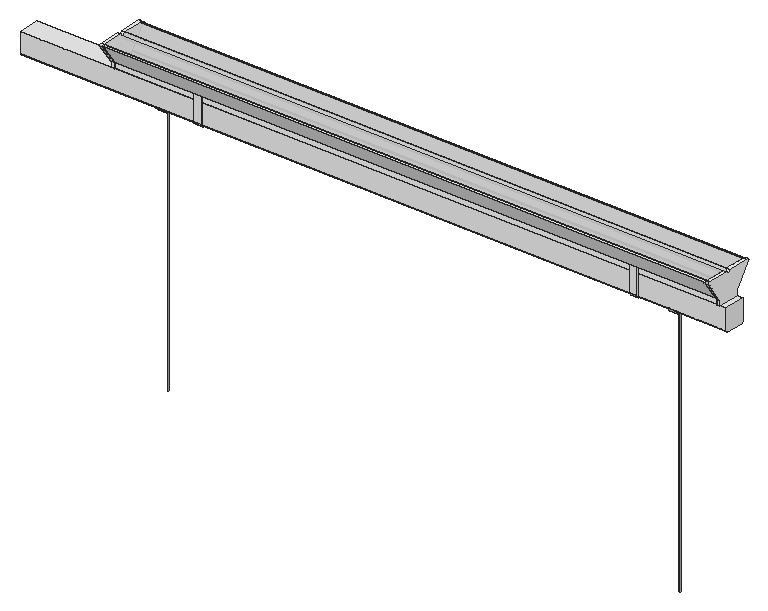
Revit family "0042291 Lighting Fixture_Sylvania_HSX Syl-Line_Ceiling Pendant", category Lighting Fixtures, host Face, Revit 2017
Family settings
  Host = Face
  Round Connector Dimension = Use Diameter
  Part Type = Normal
  OmniClass Number = 23.80.70.11.17
  OmniClass Title = Specialized Lighting by Location or Use
  Cut with Voids When Loaded = No
  Light Source = Yes
  Shared = No
  Room Calculation Point = No
Parameters (values of type "HSXSYL  LED NW 1-10V 1720 EM WB")
  Width = 164.0 mm
  Weight = 6.50 kg
  Wattage = 10.4516 W
  built-in parameter 1150110 = 1 (stored number, unit not read)
  Voltage Comments = "UNV (Universal Voltage; 220-240 Volt)"  # constant formula
  Voltage = 230 V  # constant formula
  URL = "http://www.sylvania-lighting.com"
  Trucking Material = Steel_Sylvania_HSX Syl-Line_White
  built-in parameter 1114217 = 1 (stored number, unit not read)
  Tilt Angle = -90.00°
  built-in parameter 1150109 = 1 (stored number, unit not read)
  built-in parameter 1150134 = 12
  Ta Rating = "-10°C to +25°C"  # constant formula
  T Class Min = -10 °C
  T Class Max = 25 °C
  built-in parameter 1150113 = 1 (stored number, unit not read)
  Product Page URL = "http://www.sylvania-lighting.com/product/en-int/products/0042291"
  Product Family = "HSX SYL-LINE"  # constant formula
  Photometry Comments = ""
  Photometric Web File = "0042291_HSXSYLLEDNW1-10V1720EMWB-192706.ies"
  Mounting Material = Steel_Sylvania_HSX Syl-Line_White
  Mounting Height = 1000.0 mm
  Mounting Distance = Mounting Height - Height  # 832.5 mm
  Line End Right = 20.0 mm
  Line End Left = 300.0 mm
  Life = "50 000h"  # constant formula
  Length = 2000.0 mm
  LOR = "100%"
  Inrush Current (max. quantity per 16A C breaker) = "10"
  IP Rating = "IP20"  # constant formula
  IK Rating = "IK02"  # constant formula
  Height = 167.5 mm
  Glow Wire Test = 650 °C  # constant formula
  Emit from Line Length = Length - 20.0 mm  # 1980.0 mm
  Electrical Protection = "CLASS I"  # constant formula
  Drive Current = "350mA"
  built-in parameter 1114216 [instance] = 1 (stored number, unit not read)
  Cap Material = Plastic_Sylvania_HSX Syl-Line_White
  Model = "HSXSYL  LED NW 1-10V 1720 EM WB"
  Manufacturer = "Feilo Sylvania"
  built-in parameter 1150105 = 341.47 (stored number, unit not read)
  Lumens = 972 lm
  built-in parameter 1150115 = 1 (stored number, unit not read)
  built-in parameter 1150137 = (empty or 0)
  built-in parameter 1150139 = (empty or 0)
  built-in parameter 1150112 = 1 (stored number, unit not read)
  built-in parameter 1150114 = 1 (stored number, unit not read)
  Lamp = "Integrated LED"
  built-in parameter 1150132 = 2
  built-in parameter 1150102 = (empty or 0)
  built-in parameter 1150107 = 4000 (stored number, unit not read)
  built-in parameter 1150138 = (empty or 0)
  built-in parameter 1150106 = 3.4147 (stored number, unit not read)
  CRI (Ra) = "<80"
  Bracket Width = Width - 93.4 mm  # 70.6 mm
  Bracket Height = Height - 73.5 mm  # 94.0 mm
  Body Material = Plastic_Sylvania_HSX Syl-Line_White
  built-in parameter 1150104 = 8.64 (stored number, unit not read)
  Dimming Lamp Color Temperature Shift = <None>
  Diffuser Material = Polycarbonate_Sylvania_HSX Syl-Line_4000K
  Description = "72W and 75W LED surface and suspended luminaires HSX Syl-Line is perfect for retail, industry, manufacturing, airports or data centres Extended offering of alternative optics for Syl-Line trunking Available with a white sheet steel reflector and a PMMA Diffuser Available in 1,720mm (same length as standard Syl-Line gear trays and trunking) High performance: delivers 6,660lm (luminaire lumen output on 72W version), equating to 93lm/W (total system efficiency) Available in neutral white (4,000K) Integrated LED solution that has the same aesthetics as the fluorescent version (non dotting) Energy efficient electronic gear including Analogue 1-10V dimmable, DALI dimmable and 3 hour emergency versions as standard Ease of installation through the plug connector Innovative clip design allows quick and simple installation of the electrical unit (average installation time of the gear tray at just over a minute) Energy class: A++, A+, A Long lifetime: 50,000 hours life at 70% of the original output L70"  # constant formula
  Default Elevation = 0.0 mm
  Color Filter = 16777215
  Catalog Number = "0042291 HSXSYL  LED NW 1-10V 1720 EM WB"
  built-in parameter 1140040 [instance] = 1
  built-in parameter 1114218 = 1 (stored number, unit not read)
  built-in parameter 1150133 = 10 (stored number, unit not read)
  Assembly Code = "D5020200"
  Apparent Load = 75 VA
Reference planes
  plane 1 "Center (Front/Back)": y = 0
  plane 2 "Trucking Top": z = 838.5
  plane 3 "Center (Left/Right)": x = 0
  plane 4 "Fixture Bottom": z = 1000
  plane 5: y = 34.283
  plane 6: y = -34.283
  plane 7 "Fixture Left": x = -1000
  plane 8 "Fixture Right": x = 1000
  plane 9: x = 990
  plane 10: x = -990
  plane 11: y = -82
  plane 12: y = 82
  plane 13: z = 987.5
  plane 14: z = 931.5
  plane 15 "Trucking Bottom": z = 911
  plane 16: y = 38.283
  plane 17: y = -38.283
  plane 18: z = 993.039
  plane 19: y = 7.5
  plane 20: y = -7.5
  plane 21: x = -1300
  plane 22: x = 1020
  plane 23: x = 728
  plane 24: x = -728
  plane 25: x = 853
  plane 26: x = -853
  plane 27 "Fixture Top": z = 832.5
  plane 28: z = 0
Forms (mm)
  Extrusion 1, solid, material "Plastic_Sylvania_HSX Syl-Line_White" <- "Cap Material", detail levels fine
    sketch origin (0, 0, 0) x (0, 1, 0) y (0, 0, 1)
      loop
        line (38.283, 931.5) -> (81.006, 993.776)
        arc (81.006, 993.776) -> (81.229, 997.88) -> (77.707, 1000) r 3.986
        line (77.707, 1000) -> (7.5, 1000) -> (0, 987.5) -> (-7.5, 1000) -> (-77.707, 1000)
        arc (-77.707, 1000) -> (-81.229, 997.88) -> (-81.006, 993.776) r 3.986
        line (-81.006, 993.776) -> (-38.283, 931.5) -> (-34.283, 931.5) -> (-34.283, 911) -> (34.283, 911) -> (34.283, 931.5) -> (38.283, 931.5)
    from 990 to 1000
  Extrusion 2, solid, material "Plastic_Sylvania_HSX Syl-Line_White" <- "Cap Material", detail levels fine
    sketch origin (0, 0, 0) x (0, 1, 0) y (0, 0, 1)
      loop
        line (38.283, 931.5) -> (81.006, 993.776)
        arc (81.006, 993.776) -> (81.229, 997.88) -> (77.707, 1000) r 3.986
        line (77.707, 1000) -> (7.5, 1000) -> (0, 987.5) -> (-7.5, 1000) -> (-77.707, 1000)
        arc (-77.707, 1000) -> (-81.229, 997.88) -> (-81.006, 993.776) r 3.986
        line (-81.006, 993.776) -> (-38.283, 931.5) -> (-34.283, 931.5) -> (-34.283, 911) -> (34.283, 911) -> (34.283, 931.5) -> (38.283, 931.5)
    from -1000 to -990
  Extrusion 3, solid, material "Plastic_Sylvania_HSX Syl-Line_White" <- "Body Material", detail levels coarse+medium
    sketch origin (0, 0, 0) x (0, 1, 0) y (0, 0, 1)
      loop
        line (38.283, 931.5) -> (81.006, 993.776)
        arc (81.006, 993.776) -> (81.229, 997.88) -> (77.707, 1000) r 3.986
        line (77.707, 1000) -> (7.5, 1000) -> (0, 987.5) -> (-7.5, 1000) -> (-77.707, 1000)
        arc (-77.707, 1000) -> (-81.229, 997.88) -> (-81.006, 993.776) r 3.986
        line (-81.006, 993.776) -> (-38.283, 931.5) -> (-34.283, 931.5) -> (-34.283, 911) -> (34.283, 911) -> (34.283, 931.5) -> (38.283, 931.5)
    from -1000 to 990
  Extrusion 4, solid, material "Plastic_Sylvania_HSX Syl-Line_White" <- "Body Material", detail levels fine
    sketch origin (0, 0, 0) x (0, 1, 0) y (0, 0, 1)
      loop
        line (37.757, 932.5) -> (80.18, 994.339)
        arc (80.18, 994.339) -> (80.345, 997.413) -> (77.707, 999) r 2.986
        line (77.707, 999) -> (74, 999) -> (74, 998) -> (77.707, 998)
        arc (77.707, 998) -> (79.461, 996.946) -> (79.353, 994.902) r 1.986
        line (79.353, 994.902) -> (37.23, 933.5) -> (32.283, 933.5) -> (32.283, 912) -> (-32.283, 912) -> (-32.283, 933.5) -> (-37.23, 933.5) -> (-79.353, 994.902)
        arc (-79.353, 994.902) -> (-79.461, 996.946) -> (-77.707, 998) r 1.986
        line (-77.707, 998) -> (-74, 998) -> (-74, 999) -> (-77.707, 999)
        arc (-77.707, 999) -> (-80.345, 997.413) -> (-80.18, 994.339) r 2.986
        line (-80.18, 994.339) -> (-37.757, 932.5) -> (-33.283, 932.5) -> (-33.283, 911) -> (33.283, 911) -> (33.283, 932.5) -> (37.757, 932.5)
    from -990 to 990
  Extrusion 5, solid, material "Polycarbonate_Sylvania_HSX Syl-Line_4000K" <- "Diffuser Material", detail levels fine
    sketch origin (0, 0, 0) x (0, 1, 0) y (0, 0, 1)
      loop
        line (74, 999) -> (8.066, 999) -> (0, 985.556) -> (-8.066, 999) -> (-74, 999) -> (-74, 998) -> (-8.632, 998) -> (0, 983.613) -> (8.632, 998) -> (74, 998) -> (74, 999)
    from -990 to 990
  Extrusion 6, solid, material "Steel_Sylvania_HSX Syl-Line_White" <- "Trucking Material"
    sketch origin (0, 0, 0) x (0, 1, 0) y (0, 0, 1)
      loop
        line (34.283, 844.5) -> (34.283, 911) -> (-34.283, 911) -> (-34.283, 844.5) -> (-28.283, 838.5) -> (28.283, 838.5) -> (34.283, 844.5)
    from -1300 to 1020
Lines and regions (mm)
  model lines, detail levels coarse+medium
    curve 1: line (-840.5, 0, 838.5) -> (-840.5, 0, 0)
    curve 2: line (840.5, 0, 838.5) -> (840.5, 0, 0)
Dimensions and locks
  equal spacing: plane 7 "Fixture Left", plane 3 "Center (Left/Right)", plane 8 "Fixture Right"
  "Length": plane 7 "Fixture Left" to plane 8 "Fixture Right"
  locked: plane 7 "Fixture Left" to plane 10 at 10
  locked: plane 9 to plane 8 "Fixture Right" at 10
  equal spacing: plane 12, plane 1 "Center (Front/Back)", plane 11
  "Width": plane 12 to plane 11
  plane 15 "Trucking Bottom" to plane 14 to plane 13 to plane 18 to plane 4 "Fixture Bottom" = 20.5 mm locked, 56.0 mm locked, 5.539 mm locked, 6.961 mm locked
  plane 12 to plane 16 to plane 5 to plane 19 = 43.717 mm locked, 4.0 mm locked, 26.783 mm locked
  plane 11 to plane 17 to plane 6 to plane 20 = 43.717 mm locked, 4.0 mm locked, 26.783 mm locked
  locked: Extrusion 5 sketch curve to plane 11 at 8
  locked: plane 12 to Extrusion 5 sketch curve at 8
  locked: Extrusion 4 sketch curve to plane 11 at 8
  locked: plane 12 to Extrusion 4 sketch curve at 8
  locked: Extrusion 6 sketch curve to plane 2 "Trucking Top" at 6  (x2)
  locked: Extrusion 6 sketch curve to plane 6 at 6
  locked: plane 5 to Extrusion 6 sketch curve at 6
  "Line End Left": plane 21 to plane 7 "Fixture Left"
  "Line End Right": plane 8 "Fixture Right" to plane 22
  plane 23 to plane 25 to plane 9 = 125.0 mm locked, 137.0 mm locked
  plane 10 to plane 26 to plane 24 = 137.0 mm locked, 125.0 mm locked
  locked: plane 2 "Trucking Top" to plane 27 "Fixture Top" at 6
  "Height": plane 27 "Fixture Top" to plane 4 "Fixture Bottom"
  "Mounting Height": plane 28 to plane 4 "Fixture Bottom"
  aligned and locked: level to host face
  aligned and locked: imposter light to plane 1 "Center (Front/Back)"
  aligned and locked: plane 3 "Center (Left/Right)" to imposter light
  aligned and locked: imposter light to plane 4 "Fixture Bottom"
  aligned and locked: plane 14 to Extrusion 1 sketch curve
  aligned and locked: Extrusion 1 sketch curve to plane 16
  aligned and locked: plane 15 "Trucking Bottom" to Extrusion 1 sketch curve
  aligned and locked: Extrusion 1 sketch curve to plane 5
  aligned and locked: Extrusion 1 sketch curve to plane 6
  aligned and locked: Extrusion 1 sketch curve to plane 14
  aligned and locked: plane 1 "Center (Front/Back)" to Extrusion 1 sketch curve
  aligned and locked: plane 13 to Extrusion 1 sketch curve
  aligned and locked: plane 4 "Fixture Bottom" to Extrusion 1 sketch curve  (x2)
  aligned and locked: Extrusion 1 sketch curve to plane 19
  aligned and locked: plane 20 to Extrusion 1 sketch curve
  aligned and locked: Extrusion 1 to plane 8 "Fixture Right"
  aligned and locked: plane 9 to Extrusion 1
  aligned and locked: Extrusion 2 to plane 7 "Fixture Left"
  aligned and locked: plane 10 to Extrusion 2
  aligned and locked: Extrusion 3 to plane 7 "Fixture Left"
  aligned and locked: plane 15 "Trucking Bottom" to Extrusion 4 sketch curve
  aligned and locked: Extrusion 4 to plane 9
  aligned and locked: Extrusion 4 to plane 10
  aligned and locked: plane 5 to Extrusion 6 sketch curve
  aligned and locked: plane 6 to Extrusion 6 sketch curve
  aligned and locked: plane 2 "Trucking Top" to Extrusion 6 sketch curve
  aligned and locked: plane 15 "Trucking Bottom" to Extrusion 6 sketch curve
  aligned and locked: Extrusion 6 to plane 21
  aligned and locked: Extrusion 6 to plane 22
  aligned and locked: plane 1 "Center (Front/Back)" to nested 1
  aligned and locked: nested 1 to plane 14
  aligned and locked: plane 23 to nested 1
  aligned and locked: Extrusion 3 to plane 9
  aligned and locked: Extrusion 5 to plane 9
  aligned and locked: Extrusion 5 to plane 10
  aligned and locked: plane 24 to nested 2
  aligned and locked: nested 1 to plane 23
  aligned and locked: plane 2 "Trucking Top" to nested 2
  aligned and locked: plane 25 to nested 3
  aligned and locked: plane 26 to nested 4
  aligned and locked: plane 27 "Fixture Top" to nested 4
  aligned and locked: plane 27 "Fixture Top" to nested 3
  aligned and locked: plane 28 to level
  aligned and locked: level to curve 1
  aligned and locked: plane 2 "Trucking Top" to curve 1
  aligned and locked: curve 1 to plane 1 "Center (Front/Back)"
  aligned and locked: nested 3 to curve 2
  aligned and locked: plane 2 "Trucking Top" to curve 2
  aligned and locked: plane 28 to curve 2
Automatic sketch dimensions
  host sketch curve to host sketch curve = 2549.992 mm
  host sketch curve to host sketch curve = 1283.632 mm
  Extrusion 1 sketch curve to plane 17 = 0.0 mm
  Extrusion 1 sketch curve to plane 18 = 0.737 mm  (x2)
  Extrusion 1 sketch curve to plane 11 = 4.293 mm
  Extrusion 1 sketch curve to plane 11 = 0.994 mm
  Extrusion 1 sketch curve to plane 12 = 4.293 mm
  Extrusion 1 sketch curve to plane 12 = 0.994 mm
  plane 4 "Fixture Bottom" to Extrusion 2 sketch curve = 0.0 mm  (x2)
  plane 14 to Extrusion 2 sketch curve = 0.0 mm  (x2)
  Extrusion 2 sketch curve to plane 17 = 0.0 mm
  Extrusion 2 sketch curve to plane 6 = 0.0 mm
  Extrusion 2 sketch curve to plane 20 = 0.0 mm
  Extrusion 2 sketch curve to plane 1 "Center (Front/Back)" = 0.0 mm
  Extrusion 2 sketch curve to plane 19 = 0.0 mm
  Extrusion 2 sketch curve to plane 5 = 0.0 mm
  Extrusion 2 sketch curve to plane 16 = 0.0 mm
  plane 15 "Trucking Bottom" to Extrusion 2 sketch curve = 0.0 mm
  Extrusion 2 sketch curve to plane 13 = 0.0 mm
  Extrusion 2 sketch curve to plane 11 = 4.293 mm
  Extrusion 2 sketch curve to plane 18 = 0.737 mm  (x2)
  Extrusion 2 sketch curve to plane 11 = 0.994 mm
  Extrusion 2 sketch curve to plane 12 = 4.293 mm
  Extrusion 2 sketch curve to plane 12 = 0.994 mm
  plane 4 "Fixture Bottom" to Extrusion 3 sketch curve = 0.0 mm  (x2)
  plane 14 to Extrusion 3 sketch curve = 0.0 mm  (x2)
  Extrusion 3 sketch curve to plane 17 = 0.0 mm
  Extrusion 3 sketch curve to plane 6 = 0.0 mm
  Extrusion 3 sketch curve to plane 20 = 0.0 mm
  Extrusion 3 sketch curve to plane 1 "Center (Front/Back)" = 0.0 mm
  Extrusion 3 sketch curve to plane 19 = 0.0 mm
  Extrusion 3 sketch curve to plane 5 = 0.0 mm
  Extrusion 3 sketch curve to plane 16 = 0.0 mm
  plane 15 "Trucking Bottom" to Extrusion 3 sketch curve = 0.0 mm
  Extrusion 3 sketch curve to plane 13 = 0.0 mm
  Extrusion 3 sketch curve to plane 11 = 4.293 mm
  Extrusion 3 sketch curve to plane 18 = 0.737 mm  (x2)
  Extrusion 3 sketch curve to plane 11 = 0.994 mm
  Extrusion 3 sketch curve to plane 12 = 4.293 mm
  Extrusion 3 sketch curve to plane 12 = 0.994 mm
  Extrusion 4 sketch curve to plane 14 = 1.0 mm  (x2)
  Extrusion 4 sketch curve to plane 16 = 0.527 mm
  plane 4 "Fixture Bottom" to Extrusion 4 sketch curve = 1.0 mm  (x2)
  Extrusion 4 sketch curve to plane 17 = 0.527 mm
  plane 6 to Extrusion 4 sketch curve = 1.0 mm
  Extrusion 4 sketch curve to plane 5 = 1.0 mm
  Extrusion 4 sketch curve to plane 11 = 1.82 mm
  Extrusion 4 sketch curve to plane 18 = 1.301 mm  (x2)
  Extrusion 4 sketch curve to plane 12 = 1.82 mm
  Extrusion 4 sketch curve to Extrusion 4 sketch curve = 0.527 mm  (x2)
  Extrusion 4 sketch curve to Extrusion 4 sketch curve = 0.826 mm  (x2)
  Extrusion 4 sketch curve to Extrusion 4 sketch curve = 0.563 mm  (x2)
  Extrusion 4 sketch curve to Extrusion 4 sketch curve = 0.0 mm  (x4)
  Extrusion 4 sketch curve to Extrusion 4 sketch curve = 1.0 mm  (x4)
  Extrusion 4 sketch curve to plane 15 "Trucking Bottom" = 1.0 mm
  Extrusion 5 sketch curve to plane 1 "Center (Front/Back)" = 0.0 mm  (x2)
  plane 20 to Extrusion 5 sketch curve = 0.566 mm
  plane 20 to Extrusion 5 sketch curve = 1.132 mm
  plane 19 to Extrusion 5 sketch curve = 0.566 mm
  plane 19 to Extrusion 5 sketch curve = 1.132 mm
  plane 4 "Fixture Bottom" to Extrusion 5 sketch curve = 2.0 mm  (x2)
  Extrusion 5 sketch curve to plane 13 = 3.887 mm
  Extrusion 5 sketch curve to Extrusion 5 sketch curve = 1.944 mm
  plane 4 "Fixture Bottom" to Extrusion 5 sketch curve = 1.0 mm  (x2)
  plane 4 "Fixture Bottom" to Extrusion 4 sketch curve = 2.0 mm  (x2)
  curve 1 to plane 27 "Fixture Top" = 6.0 mm
  curve 1 to level = 0.0 mm
Nested families
  nested 1: "Mounting Bracket" at (703, 0, 931.5) x (0, -1, 0) z (0, 0, -1), type "Mounting Bracket", detail levels fine
  nested 2: "Mounting Bracket" at (-728, 0, 931.5) x (0, -1, 0) z (0, 0, -1), type "Mounting Bracket", detail levels fine
  nested 3: "Top Mounting Bracket" at (853, 0, 845.5) x (0, 1, 0) z (0, 0, -1), type "Top Mounting Bracket", detail levels fine
    with Mounting Distance 832.5 mm
  nested 4: "Top Mounting Bracket" at (-828, 0, 845.5) x (0, 1, 0) z (0, 0, -1), type "Top Mounting Bracket", detail levels fine
    with Mounting Distance 832.5 mm
Connectors
  electrical at (-1300, 0, 864.667), driven by "Voltage", driven by "Apparent Load"
    settings: on Extrusion 6, index 1, voltage 230 V, apparent load 0 VA, apparent load phase1 75 VA, apparent load phase2 0 VA, apparent load phase3 0 VA, power factor 1, load classification "Lighting", number of poles 1, system type 31, power factor state 1, is connector primary yes, connector utility no, sub classification motor no, connector description ""
Definition of nested family "Mounting Bracket"
  Parameters
    Mounting Material = none
    Length = 25.0 mm
    Height = 94.0 mm
    Width = 70.6 mm
    Default Elevation = 0.0 mm
  Reference planes
    plane 1 "Center (Front/Back)": y = 0
    plane 2: z = 0
    plane 3 "Center (Left/Right)": x = 0
    plane 4: x = -35.3
    plane 5: x = 35.3
    plane 6: y = -25
    plane 7: y = -12.5
    plane 8: z = 94
  Forms (mm)
    Extrusion 1, solid, material <- "Mounting Material"
      sketch origin (0, 0, 0) x (1, 0, 0) y (0, 0, 1)
        loop
          line (35.3, 87.5) -> (28.8, 94) -> (20.3, 94) -> (20.3, 93) -> (28.386, 93) -> (34.3, 87.086) -> (34.3, 0) -> (35.3, 0) -> (35.3, 87.5)
        loop
          line (-35.3, 87.5) -> (-35.3, 0) -> (-34.3, 0) -> (-34.3, 87.086) -> (-28.386, 93) -> (-20.3, 93) -> (-20.3, 94) -> (-28.8, 94) -> (-35.3, 87.5)
      from 0 to 25
  Dimensions and locks
    equal spacing: plane 5, plane 3 "Center (Left/Right)", plane 4
    "Width": plane 5 to plane 4
    "Length": plane 6 to plane 1 "Center (Front/Back)"
    equal spacing: plane 6, plane 7, plane 1 "Center (Front/Back)"
    "Height": plane 8 to plane 2
    locked: plane 8 to Extrusion 1 sketch curve at 1
    locked: plane 8 to Extrusion 1 sketch curve at 6.5  (x2)
    locked: Extrusion 1 sketch curve to plane 4 at 6.5
    locked: plane 5 to Extrusion 1 sketch curve at 6.5
    locked: Extrusion 1 sketch curve to plane 4 at 1
    locked: plane 5 to Extrusion 1 sketch curve at 1
    locked: Extrusion 1 sketch curve to plane 4 at 15
    locked: plane 5 to Extrusion 1 sketch curve at 15
    aligned and locked: level to plane 2
    aligned and locked: Extrusion 1 to plane 6
    aligned and locked: Extrusion 1 sketch curve to plane 8
    aligned and locked: Extrusion 1 sketch curve to plane 4
    aligned and locked: Extrusion 1 sketch curve to plane 5
  Automatic sketch dimensions
    Extrusion 1 sketch curve to level = 0.0 mm  (x2)
    plane 4 to Extrusion 1 sketch curve = 6.914 mm
    Extrusion 1 sketch curve to Extrusion 1 sketch curve = 0.414 mm  (x3)
    plane 8 to Extrusion 1 sketch curve = 0.0 mm
    Extrusion 1 sketch curve to plane 8 = 1.0 mm
Definition of nested family "Top Mounting Bracket"
  Parameters
    Mounting Material = none
    Mounting Distance = 500.0 mm
    Length = 25.0 mm
    Height = 13.0 mm
    Width = 70.6 mm
    Default Elevation = 0.0 mm
  Reference planes
    plane 1 "Center (Front/Back)": y = 0
    plane 2: z = 0
    plane 3 "Center (Left/Right)": x = 0
    plane 4: x = -35.3
    plane 5: x = 35.3
    plane 6: y = -25
    plane 7: y = -12.5
    plane 8: z = 13
    plane 9: z = 513
  Forms (mm)
    Extrusion 1, solid, material <- "Mounting Material"
      sketch origin (0, 0, 0) x (1, 0, 0) y (0, 0, 1)
        loop
          line (35.3, 1.5) -> (23.8, 13) -> (-23.8, 13) -> (-35.3, 1.5) -> (-35.3, 0) -> (-34.3, 0) -> (-34.3, 1.086) -> (-23.386, 12) -> (23.386, 12) -> (34.3, 1.086) -> (34.3, 0) -> (35.3, 0) -> (35.3, 1.5)
      from 0 to 25
    Extrusion 2, solid
      sketch origin (0, 0, 0) x (1, 0, 0) y (0, 1, 0)
        loop
          circle (0, -12.5) r 2
      from 13 to 513
  Dimensions and locks
    equal spacing: plane 5, plane 3 "Center (Left/Right)", plane 4
    "Width": plane 5 to plane 4
    "Length": plane 6 to plane 1 "Center (Front/Back)"
    equal spacing: plane 6, plane 7, plane 1 "Center (Front/Back)"
    plane 8 to Extrusion 1 sketch curve = 13.0 mm
    locked: Extrusion 1 sketch curve to plane 4 at 11.5
    locked: plane 5 to Extrusion 1 sketch curve at 11.5
    "Height": plane 8 to level
    "Mounting Distance": plane 9 to plane 8
    aligned and locked: level to plane 2
    aligned and locked: Extrusion 1 to plane 6
    aligned and locked: Extrusion 1 sketch curve to plane 4
    aligned and locked: Extrusion 1 sketch curve to plane 5
    aligned and locked: Extrusion 1 sketch curve to plane 8
    aligned and locked: Extrusion 1 sketch curve to Extrusion 1 sketch curve
    aligned and locked: plane 9 to Extrusion 2
    aligned and locked: Extrusion 2 to Extrusion 1
  Automatic sketch dimensions
    plane 4 to Extrusion 1 sketch curve = 1.0 mm
    Extrusion 1 sketch curve to Extrusion 1 sketch curve = 0.414 mm  (x4)
    Extrusion 1 sketch curve to plane 5 = 1.0 mm
    Extrusion 1 sketch curve to Extrusion 1 sketch curve = 1.086 mm
    Extrusion 1 sketch curve to plane 8 = 1.0 mm
    Extrusion 1 sketch curve to plane 8 = 11.914 mm
    Extrusion 2 sketch curve to plane 3 "Center (Left/Right)" = 0.0 mm
    plane 7 to Extrusion 2 sketch curve = 0.0 mm
    radius of Extrusion 2 sketch curve = 2.0 mm
